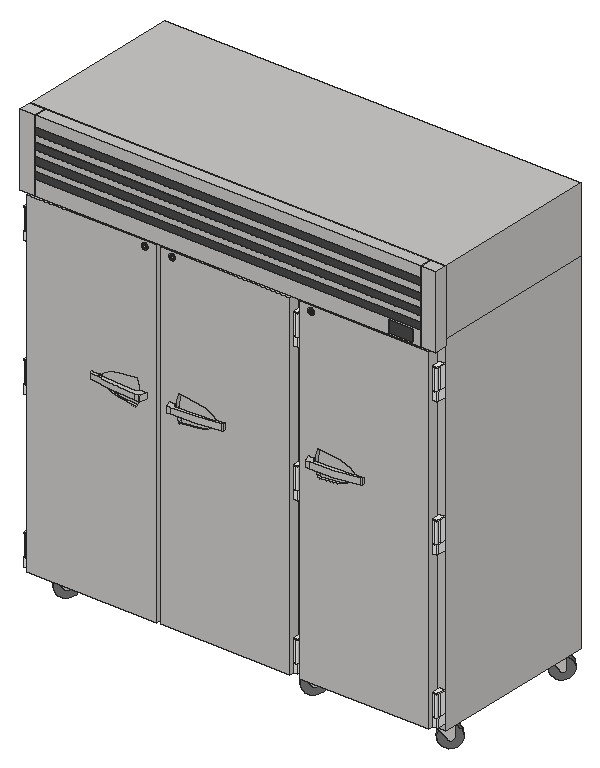
Revit family "QF_Turbo Air_PRO-77R", category Specialty Equipment, Revit 2014
Parameters
  Width = 6' - 5 3/4"  # constant formula
  Weight in Pounds = 697
  Watermarked By = ""
  Volts = 115 V
  URL Cutsheet = ""
  URL = "www.turboairinc.com"
  Status [instance] = ""
  Specification by User [instance] = ""
  Specification by Manufacturer [instance] = ""
  Serial Number [instance] = ""
  Revision Code [instance] = ""
  Phase = 1
  Overall Height [instance] = Box Height + CasterLeg Height  # 6' - 11"
  Number of Poles [instance] = 1
  NAFEM Spec ID Number [instance] = ""
  Model = "PRO-77R"
  Masterspec [instance] = ""
  Manufacturer = "Turbo Air"  # constant formula
  Door Height = 5' - 3 1/4"  # constant formula
  Description = "Refrigerator, Reach In"
  Assembly Code = "E1090320"
  6 inch Legs [instance] = no
  Item Number [instance] = "-"
  Installed By [instance] = ""
  HP = "1"
  Furnished By [instance] = ""
  Foodservice Equipment Identifier = yes
  FL Amps = 11.3 A
  Electrical Remarks [instance] = ""
  Electric Connection Type = ""
  Elec Conn RI Height [instance] = 0' - 0"
  Elec Conn Connection Height = 6' - 4 7/8"
  Cycle = 60 Hz
  Conn Plug = "NEMA 5-15P"
  Casters [instance] = not([6 inch Legs])  # yes
  CasterLeg Height [instance] = if(or([5 inch Casters], [6 inch Legs]), 0' 6", 0' 5")  # 0' - 5"
  CSI MasterFormat = "11 41 13"
  Box Height = 6' - 6"  # constant formula
  Apparent Power = if(Phase = 3, Volts * FL Amps * 1.73, Volts * FL Amps)  # 1299.5 VA
  5 inch Casters [instance] = no
Reference planes (in)
  plane 1 "BACK": y = 0
  plane 2: z = 0
  plane 3 "LEFT": x = -16.56573
  plane 4 "RIGHT": x = 61.18427
  plane 5 "FRONT": y = -33.875
  plane 6 "Box Front": y = -31.5
  plane 7 "Door Clearance": y = -57.75
  plane 8 "TOP": z = 83
  plane 9 "Box Bottom": z = 5
  plane 10 "Door Bottom": z = 5.875
  plane 11 "Door Top": z = 69.125
  plane 12 "Inside Left": x = -14.56573
  plane 13 "Inside Right": x = 59.18427
  plane 14 "Inside Back": y = -2
  plane 15 "Inside Front": y = -29.5
  plane 16 "Inside Top": z = 70.75
  plane 17 "Center LR": x = 22.30927
  plane 18 "Cowl Bottom": z = 69.5
  plane 19 "Left Door Left": x = -15.31573
  plane 20 "Left Door Right": x = 8.93427
  plane 21 "Right Door Left": x = 35.68427
  plane 22 "Right Door Right": x = 59.93427
  plane 23 "Center Left": x = 9.30927
  plane 24 "Middle Door Left": x = 9.68427
  plane 25 "Middle Door Right": x = 33.93427
  plane 26 "Center Right": x = 35.30927
Forms (in)
  Extrusion 1, solid, material "QF_Stainless-Polished"
    sketch origin (0, 0, 5) x (0, 1, 0) y (-1, 0, 0)
      loop
        line (-31.5, 16.56573) -> (-31.5, 13.81573) -> (-29.5, 13.81573) -> (-29.5, 14.56573) -> (-2, 14.56573) -> (-2, -59.18427) -> (-29.5, -59.18427) -> (-29.5, -58.43427) -> (-31.5, -58.43427) -> (-31.5, -61.18427) -> (0, -61.18427) -> (0, 16.56573) -> (-31.5, 16.56573)
    from 0 to 65.75
  Extrusion 2, solid, material "QF_Stainless-Polished"
    sketch origin (-14.56573, 0, 0) x (0, 1, 0) y (0, 0, 1)
      loop
        line (-29.5, 7.75) -> (-29.5, 5) -> (-2, 5) -> (-2, 7.75) -> (-29.5, 7.75)
      loop
        line (-29.5, 70.75) -> (-29.5, 69.375) -> (-2, 69.375) -> (-2, 70.75) -> (-29.5, 70.75)
    from 0 to 73.75
  Extrusion 3, solid, material "QF_Stainless-Polished"
    sketch origin (-14.56573, 0, 0) x (0, 1, 0) y (0, 0, 1)
      loop
        line (-29.5, 5) -> (-29.5, 8.25) -> (-31.5, 8.25) -> (-31.5, 5) -> (-29.5, 5)
      loop
        line (-31.5, 70.75) -> (-31.5, 67) -> (-29.5, 67) -> (-29.5, 70.75) -> (-31.5, 70.75)
    from 0.75 to 73
  Extrusion 4, solid, material "QF_Stainless-Polished"
    sketch origin (0, 0, 83) x (0, 1, 0) y (-1, 0, 0)
      loop
        line (0, 16.56573) -> (-31.5, 16.56573) -> (-31.5, -61.18427) -> (0, -61.18427) -> (0, 16.56573)
    from 0 to -12.25
  Extrusion 5, solid, material "QF_Stainless-Polished"
    sketch origin (-14.56573, 0, 0) x (0, 1, 0) y (0, 0, 1)
      loop
        line (-2, 69.375) -> (-27.25, 69.375) -> (-25, 68.125) -> (-13.25, 68.125) -> (-3.25, 65.625) -> (-2, 65.625) -> (-2, 69.375)
    from 0 to 73.75
  Extrusion 6, solid, material "QF_Stainless-Polished"
    sketch origin (22.30927, 0, 0) x (0, 1, 0) y (0, 0, 1)
      loop
        line (-3.25, 65.625) -> (-3.25, 28.875) -> (-2, 28.875) -> (-2, 65.625) -> (-3.25, 65.625)
    from 0.25 to -0.25
  Extrusion 7, solid, material "QF_Plastic-Black-Fine Textured"
    sketch origin (0, -31.5, 0) x (1, 0, 0) y (0, 0, 1)
      loop
        line (-14.31573, 67.75) -> (-14.31573, 7.25) -> (7.93427, 7.25) -> (7.93427, 67.75) -> (-14.31573, 67.75)
      loop
        line (58.93427, 7.25) -> (58.93427, 67.75) -> (36.68427, 67.75) -> (36.68427, 7.25) -> (58.93427, 7.25)
      loop
        line (-14.56573, 7) -> (8.18427, 7) -> (8.18427, 68) -> (-14.56573, 68) -> (-14.56573, 7)
      loop
        line (59.18427, 68) -> (36.43427, 68) -> (36.43427, 7) -> (59.18427, 7) -> (59.18427, 68)
      loop
        line (10.68427, 67.75) -> (10.68427, 7.25) -> (32.93427, 7.25) -> (32.93427, 67.75) -> (10.68427, 67.75)
      loop
        line (10.43427, 7) -> (33.18427, 7) -> (33.18427, 68) -> (10.43427, 68) -> (10.43427, 7)
    from 0 to 0.625
  Extrusion 8, solid, material "QF_Stainless-Polished"
    sketch origin (0, -31.5, 0) x (1, 0, 0) y (0, 0, 1)
      loop
        line (-16.56573, 83) -> (-16.56573, 69.5) -> (-13.75323, 69.5) -> (-13.75323, 83) -> (-16.56573, 83)
      loop
        line (61.18427, 83) -> (58.37177, 83) -> (58.37177, 69.5) -> (61.18427, 69.5) -> (61.18427, 83)
    from 0 to 2.375
  Extrusion 9, solid, material "QF_Stainless-Polished"
    sketch origin (0, -31.5, 0) x (1, 0, 0) y (0, 0, 1)
      loop
        line (-13.75323, 83) -> (-13.75323, 81) -> (58.37177, 81) -> (58.37177, 83) -> (-13.75323, 83)
      loop
        line (-13.75323, 69.5) -> (58.37177, 69.5) -> (58.37177, 72.25) -> (-13.75323, 72.25) -> (-13.75323, 69.5)
      loop
        arc (56.87177, 71.75) -> (56.81686, 71.88258) -> (56.68427, 71.9375) r 0.1875
        line (56.68427, 71.9375) -> (52.55927, 71.9375)
        arc (52.55927, 71.9375) -> (52.42669, 71.88258) -> (52.37177, 71.75) r 0.1875
        line (52.37177, 71.75) -> (52.37177, 69.9375)
        arc (52.37177, 69.9375) -> (52.42669, 69.80492) -> (52.55927, 69.75) r 0.1875
        line (52.55927, 69.75) -> (56.68427, 69.75)
        arc (56.68427, 69.75) -> (56.81686, 69.80492) -> (56.87177, 69.9375) r 0.1875
        line (56.87177, 69.9375) -> (56.87177, 71.75)
    from 0 to 2.375
  Extrusion 10, solid, material "QF_Stainless-Polished"
    sketch origin (0, -31.5, 0) x (1, 0, 0) y (0, 0, 1)
      loop
        line (-13.75323, 79.6875) -> (-13.75323, 78.5625) -> (58.37177, 78.5625) -> (58.37177, 79.6875) -> (-13.75323, 79.6875)
      loop
        line (58.37177, 77.1875) -> (-13.75323, 77.1875) -> (-13.75323, 76.0625) -> (58.37177, 76.0625) -> (58.37177, 77.1875)
      loop
        line (58.37177, 74.6875) -> (-13.75323, 74.6875) -> (-13.75323, 73.5625) -> (58.37177, 73.5625) -> (58.37177, 74.6875)
    from 0 to 2.375
  Extrusion 11, solid, material "QF_Plastic-Black-Fine Textured"
    sketch origin (0, -31.5, 0) x (1, 0, 0) y (0, 0, 1)
      loop
        line (-13.75323, 81) -> (-13.75323, 79.6875) -> (58.37177, 79.6875) -> (58.37177, 81) -> (-13.75323, 81)
      loop
        line (-13.75323, 78.5625) -> (-13.75323, 77.1875) -> (58.37177, 77.1875) -> (58.37177, 78.5625) -> (-13.75323, 78.5625)
      loop
        line (-13.75323, 76.0625) -> (-13.75323, 74.6875) -> (58.37177, 74.6875) -> (58.37177, 76.0625) -> (-13.75323, 76.0625)
      loop
        line (-13.75323, 73.5625) -> (-13.75323, 72.25) -> (58.37177, 72.25) -> (58.37177, 73.5625) -> (-13.75323, 73.5625)
    from 0 to 2.375
  Extrusion 12, solid, material "QF_Plastic-Black-Fine Textured"
    sketch origin (0, -31.5, 0) x (1, 0, 0) y (0, 0, 1)
      loop
        arc (52.55927, 71.9375) -> (52.42669, 71.88258) -> (52.37177, 71.75) r 0.1875
        line (52.37177, 71.75) -> (52.37177, 69.9375)
        arc (52.37177, 69.9375) -> (52.42669, 69.80492) -> (52.55927, 69.75) r 0.1875
        line (52.55927, 69.75) -> (56.68427, 69.75)
        arc (56.68427, 69.75) -> (56.81686, 69.80492) -> (56.87177, 69.9375) r 0.1875
        line (56.87177, 69.9375) -> (56.87177, 71.75)
        arc (56.87177, 71.75) -> (56.81686, 71.88258) -> (56.68427, 71.9375) r 0.1875
        line (56.68427, 71.9375) -> (52.55927, 71.9375)
    from 0 to 2.375
  Extrusion 13, solid, material "QF_Clearance", detail levels coarse+medium
    sketch origin (0, 0, 5.875) x (0, 1, 0) y (-1, 0, 0)
      loop
        line (-33.875, 16.56573) -> (-57.75, 16.56573)
        arc (-57.75, 16.56573) -> (-51.23446, -1.26072) -> (-33.875, -8.93427) r 24.25
        line (-33.875, -8.93427) -> (-33.875, 16.56573)
    from 0 to 63.25
  Extrusion 14, solid, material "QF_Clearance", detail levels coarse+medium
    sketch origin (26.25, 0, 5.875) x (0, 1, 0) y (-1, 0, 0)
      loop
        arc (-33.875, -9.43427) -> (-51.23446, -17.10783) -> (-57.75, -34.93427) r 24.25
        line (-57.75, -34.93427) -> (-33.875, -34.93427) -> (-33.875, -9.43427)
    from 0 to 63.25
  Extrusion 15, solid, material "QF_Stainless-Polished"
    sketch origin (0, -31.5, 0) x (1, 0, 0) y (0, 0, 1)
      loop
        line (11.24677, 67) -> (7.37177, 67) -> (7.37177, 8.25) -> (11.24677, 8.25) -> (11.24677, 67)
      loop
        line (37.24677, 67) -> (32.74677, 67) -> (32.74677, 8.25) -> (37.24677, 8.25) -> (37.24677, 67)
    from 0 to -2
  Extrusion 16, solid, material "QF_Clearance", detail levels coarse+medium
    sketch origin (0.25, 0, 5.875) x (0, 1, 0) y (-1, 0, 0)
      loop
        arc (-33.875, -9.43427) -> (-51.83307, -17.70642) -> (-57.75, -36.57201) r 24.37499
        line (-57.75, -36.57201) -> (-33.875, -36.57201) -> (-33.875, -9.43427)
    from 0 to 63.25
Lines and regions (in)
  symbolic lines
    curve 1: line (-16.56573, 0, 83) -> (61.18427, 0, 83)
    curve 2: line (-16.56573, -33.875, 83) -> (-16.56573, 0, 83)
    curve 3: line (61.18427, -33.875, 83) -> (-16.56573, -33.875, 83)
    curve 4: line (61.18427, 0, 83) -> (61.18427, -33.875, 83)
  symbolic lines, style "QF_Clearances_Door_Drawer"
    curve 5: line (-16.56573, -33.875, 5.875) -> (-16.56573, -57.75, 5.875)
    curve 6: arc (-16.56573, -57.75, 5.875) -> (1.26072, -51.23446, 5.875) -> (8.93427, -33.875, 5.875) r 24.25
    curve 7: arc (35.68427, -33.875, 5.875) -> (43.35783, -51.23446, 5.875) -> (61.18427, -57.75, 5.875) r 24.25
    curve 8: line (61.18427, -57.75, 5.875) -> (61.18427, -33.875, 5.875)
    curve 9: arc (9.68427, -33.875, 5.875) -> (17.95642, -51.83307, 5.875) -> (36.82201, -57.75, 5.875) r 24.37499
    curve 10: line (36.82201, -57.75, 5.875) -> (36.82201, -33.875, 5.875)
Dimensions and locks (in)
  "Width": plane 4 "RIGHT" to plane 3 "LEFT"
  plane 5 "FRONT" to plane 6 "Box Front" = 0' - 2 3/8"
  locked: plane 7 "Door Clearance" to plane 5 "FRONT" at 23.875
  "CasterLeg Height": plane 9 "Box Bottom" to level
  locked: plane 10 "Door Bottom" to plane 9 "Box Bottom" at 0.875
  "Box Height": plane 8 "TOP" to plane 9 "Box Bottom"
  locked: plane 8 "TOP" to plane 11 "Door Top" at 13.875
  locked: plane 3 "LEFT" to plane 12 "Inside Left" at 2
  locked: plane 13 "Inside Right" to plane 4 "RIGHT" at 2
  locked: plane 14 "Inside Back" to plane 1 "BACK" at 2
  plane 6 "Box Front" to plane 15 "Inside Front" = 0' - 2"
  locked: plane 12 "Inside Left" to Extrusion 1 sketch curve at 0.75
  locked: Extrusion 1 sketch curve to plane 13 "Inside Right" at 0.75
  locked: plane 8 "TOP" to plane 16 "Inside Top" at 12.25
  locked: plane 9 "Box Bottom" to Extrusion 2 sketch curve at 2.75
  locked: Extrusion 3 sketch curve to plane 9 "Box Bottom" at 3.25
  locked: plane 16 "Inside Top" to Extrusion 2 sketch curve at 1.375
  locked: Extrusion 3 sketch curve to plane 16 "Inside Top" at 3.75
  locked: plane 16 "Inside Top" to Extrusion 5 sketch curve at 1.375
  locked: Extrusion 5 sketch curve to Extrusion 5 sketch curve at 1.25
  locked: Extrusion 5 sketch curve to Extrusion 5 sketch curve at 11.75
  locked: Extrusion 5 sketch curve to plane 14 "Inside Back" at 25.25
  locked: Extrusion 5 sketch curve to plane 14 "Inside Back" at 1.25
  locked: Extrusion 5 sketch curve to plane 14 "Inside Back" at 11.25
  locked: Extrusion 5 sketch curve to Extrusion 5 sketch curve at 3.75
  equal spacing: plane 3 "LEFT", plane 17 "Center LR", plane 4 "RIGHT"
  locked: plane 16 "Inside Top" to Extrusion 6 sketch curve at 5.125
  locked: Extrusion 6 sketch curve to Extrusion 6 sketch curve at 36.75
  locked: Extrusion 6 sketch curve to plane 14 "Inside Back" at 1.25
  locked: Extrusion 7 sketch curve to Extrusion 7 sketch curve at 0.25  (x12)
  locked: Extrusion 7 sketch curve to plane 3 "LEFT" at 2
  locked: Extrusion 7 sketch curve to plane 4 "RIGHT" at 2
  locked: plane 11 "Door Top" to Extrusion 7 sketch curve at 1.125  (x3)
  locked: Extrusion 7 sketch curve to plane 10 "Door Bottom" at 1.125  (x3)
  locked: plane 18 "Cowl Bottom" to plane 11 "Door Top" at 0.375
  locked: plane 3 "LEFT" to nested 1 at 3
  locked: nested 1 to plane 1 "BACK" at 2.5
  locked: plane 3 "LEFT" to nested 2 at 3
  locked: plane 6 "Box Front" to nested 2 at 2.8125
  locked: nested 3 to plane 4 "RIGHT" at 3
  locked: nested 3 to plane 1 "BACK" at 2.5
  locked: nested 4 to plane 4 "RIGHT" at 3
  locked: plane 6 "Box Front" to nested 4 at 2.8125
  locked: plane 3 "LEFT" to Extrusion 8 sketch curve at 2.8125
  locked: Extrusion 8 sketch curve to plane 4 "RIGHT" at 2.8125
  locked: Extrusion 9 sketch curve to plane 3 "LEFT" at 2.8125  (x2)
  locked: plane 8 "TOP" to Extrusion 9 sketch curve at 2
  locked: Extrusion 9 sketch curve to plane 4 "RIGHT" at 2.8125  (x2)
  locked: Extrusion 9 sketch curve to plane 18 "Cowl Bottom" at 2.75
  locked: Extrusion 9 sketch curve to Extrusion 9 sketch curve at 4.5
  locked: Extrusion 9 sketch curve to plane 4 "RIGHT" at 4.3125
  locked: Extrusion 9 sketch curve to Extrusion 9 sketch curve at 2.1875
  locked: Extrusion 9 sketch curve to Extrusion 9 sketch curve at 0.3125
  locked: Extrusion 10 sketch curve to plane 3 "LEFT" at 2.8125  (x3)
  locked: Extrusion 10 sketch curve to plane 4 "RIGHT" at 2.8125  (x3)
  locked: plane 8 "TOP" to Extrusion 10 sketch curve at 3.3125
  locked: Extrusion 10 sketch curve to Extrusion 10 sketch curve at 1.125  (x3)
  locked: Extrusion 10 sketch curve to Extrusion 10 sketch curve at 1.375  (x2)
  locked: plane 3 "LEFT" to plane 19 "Left Door Left" at 1.25
  locked: plane 19 "Left Door Left" to plane 20 "Left Door Right" at 24.25
  locked: plane 22 "Right Door Right" to plane 4 "RIGHT" at 1.25
  locked: plane 21 "Right Door Left" to plane 22 "Right Door Right" at 24.25
  locked: plane 16 "Inside Top" to Extrusion 15 sketch curve at 3.75  (x2)
  locked: Extrusion 15 sketch curve to plane 9 "Box Bottom" at 3.25  (x2)
  locked: Extrusion 7 sketch curve to plane 20 "Left Door Right" at 0.75
  locked: Extrusion 7 sketch curve to plane 21 "Right Door Left" at 0.75
  plane 20 "Left Door Right" to plane 23 "Center Left" to plane 24 "Middle Door Left" = 0' - 0 3/8" locked, 0' - 0 3/8" locked
  locked: plane 26 "Center Right" to plane 21 "Right Door Left" at 0.375
  locked: plane 25 "Middle Door Right" to plane 21 "Right Door Left" at 1.75
  locked: Extrusion 7 sketch curve to plane 24 "Middle Door Left" at 0.75
  locked: plane 25 "Middle Door Right" to Extrusion 7 sketch curve at 0.75
  locked: Extrusion 15 sketch curve to plane 23 "Center Left" at 1.9375  (x2)
  locked: Extrusion 15 sketch curve to plane 26 "Center Right" at 1.9375
  locked: Extrusion 15 sketch curve to Extrusion 15 sketch curve at 4.5
  locked: nested 8 to plane 1 "BACK" at 2.5
  locked: nested 8 to plane 21 "Right Door Left" at 3
  locked: nested 9 to plane 21 "Right Door Left" at 3
  locked: plane 6 "Box Front" to nested 9 at 2.8125
  locked: plane 6 "Box Front" to plane 1 "BACK" at 31.5
  aligned and locked: level to plane 2
  aligned and locked: Extrusion 1 sketch curve to plane 3 "LEFT"
  aligned and locked: plane 12 "Inside Left" to Extrusion 1 sketch curve
  aligned and locked: Extrusion 1 sketch curve to plane 13 "Inside Right"
  aligned and locked: plane 4 "RIGHT" to Extrusion 1 sketch curve
  aligned and locked: plane 14 "Inside Back" to Extrusion 1 sketch curve
  aligned and locked: Extrusion 1 sketch curve to plane 1 "BACK"
  aligned and locked: Extrusion 1 sketch curve to plane 15 "Inside Front"  (x2)
  aligned and locked: plane 6 "Box Front" to Extrusion 1 sketch curve  (x2)
  aligned and locked: plane 16 "Inside Top" to Extrusion 1
  aligned and locked: plane 9 "Box Bottom" to Extrusion 2 sketch curve
  aligned and locked: plane 15 "Inside Front" to Extrusion 2 sketch curve
  aligned and locked: plane 14 "Inside Back" to Extrusion 2 sketch curve  (x2)
  aligned and locked: plane 13 "Inside Right" to Extrusion 2
  aligned and locked: plane 6 "Box Front" to Extrusion 3 sketch curve  (x2)
  aligned and locked: Extrusion 3 sketch curve to plane 9 "Box Bottom"
  aligned and locked: Extrusion 3 sketch curve to plane 15 "Inside Front"  (x2)
  aligned and locked: Extrusion 3 to Extrusion 1  (x2)
  aligned and locked: Extrusion 2 sketch curve to plane 16 "Inside Top"
  aligned and locked: Extrusion 2 sketch curve to plane 15 "Inside Front"
  aligned and locked: plane 16 "Inside Top" to Extrusion 3 sketch curve
  aligned and locked: plane 1 "BACK" to Extrusion 4 sketch curve
  aligned and locked: plane 3 "LEFT" to Extrusion 4 sketch curve
  aligned and locked: Extrusion 4 sketch curve to plane 6 "Box Front"
  aligned and locked: Extrusion 4 sketch curve to plane 4 "RIGHT"
  aligned and locked: Extrusion 4 to plane 16 "Inside Top"
  aligned and locked: plane 14 "Inside Back" to Extrusion 5 sketch curve
  aligned and locked: plane 13 "Inside Right" to Extrusion 5
  aligned and locked: Extrusion 6 sketch curve to plane 14 "Inside Back"
  aligned and locked: plane 5 "FRONT" to Extrusion 8
  aligned and locked: plane 3 "LEFT" to curve 2
  aligned and locked: curve 3 to plane 5 "FRONT"
  aligned and locked: curve 4 to plane 4 "RIGHT"
  aligned and locked: plane 1 "BACK" to curve 1
  aligned and locked: plane 18 "Cowl Bottom" to Extrusion 8 sketch curve
  aligned and locked: plane 3 "LEFT" to Extrusion 8 sketch curve
  aligned and locked: Extrusion 8 sketch curve to plane 8 "TOP"
  aligned and locked: plane 8 "TOP" to Extrusion 8 sketch curve
  aligned and locked: plane 4 "RIGHT" to Extrusion 8 sketch curve
  aligned and locked: Extrusion 8 sketch curve to plane 18 "Cowl Bottom"
  aligned and locked: Extrusion 9 sketch curve to plane 8 "TOP"
  aligned and locked: plane 18 "Cowl Bottom" to Extrusion 9 sketch curve
  aligned and locked: plane 5 "FRONT" to Extrusion 9
  aligned and locked: plane 5 "FRONT" to Extrusion 10
  aligned and locked: Extrusion 11 sketch curve to Extrusion 9  (x4)
  aligned and locked: Extrusion 11 sketch curve to Extrusion 10  (x12)
  aligned and locked: plane 5 "FRONT" to Extrusion 11
  aligned and locked: Extrusion 12 sketch curve to Extrusion 9  (x4)
  aligned and locked: plane 5 "FRONT" to Extrusion 12
  aligned and locked: plane 10 "Door Bottom" to nested 5
  aligned and locked: nested 5 to plane 11 "Door Top"
  aligned and locked: plane 3 "LEFT" to nested 5
  aligned and locked: plane 20 "Left Door Right" to nested 5
  aligned and locked: plane 11 "Door Top" to Extrusion 13
  aligned and locked: nested 6 to plane 10 "Door Bottom"
  aligned and locked: plane 4 "RIGHT" to nested 6
  aligned and locked: plane 11 "Door Top" to Extrusion 14
  aligned and locked: nested 7 to plane 10 "Door Bottom"
  aligned and locked: plane 25 "Middle Door Right" to nested 7
  aligned and locked: plane 11 "Door Top" to Extrusion 16
Automatic sketch dimensions
  Extrusion 9 sketch curve to Extrusion 9 sketch curve = 0' - 0 3/16"  (x4)
  curve 7 to plane 4 "RIGHT" = 0' - 0"
  plane 7 "Door Clearance" to curve 7 = 0' - 0"
  curve 5 to plane 3 "LEFT" = 0' - 0"
  plane 7 "Door Clearance" to curve 5 = 0' - 0"
  plane 7 "Door Clearance" to curve 10 = 0' - 0"
  plane 5 "FRONT" to curve 5 = 0' - 0"
  plane 5 "FRONT" to curve 6 = 0' - 0"
  plane 5 "FRONT" to curve 7 = 0' - 0"
  plane 5 "FRONT" to curve 8 = 0' - 0"
  plane 5 "FRONT" to curve 9 = 0' - 0"
  plane 5 "FRONT" to curve 10 = 0' - 0"
  curve 7 to plane 21 "Right Door Left" = 0' - 0"
  curve 9 to plane 24 "Middle Door Left" = 0' - 0"
  curve 6 to plane 20 "Left Door Right" = 0' - 0"
  plane 19 "Left Door Left" to curve 6 = 0' - 0.00242"
  curve 7 to plane 22 "Right Door Right" = 0' - 0.00242"
  plane 25 "Middle Door Right" to curve 9 = 0' - 0.12258"
  curve 10 to curve 9 = 0' - 0.34264"
  Extrusion 13 sketch curve to plane 3 "LEFT" = 0' - 0"
  plane 7 "Door Clearance" to Extrusion 13 sketch curve = 0' - 0"
  plane 5 "FRONT" to Extrusion 13 sketch curve = 0' - 0"
  Extrusion 13 sketch curve to plane 20 "Left Door Right" = 0' - 0"
  plane 19 "Left Door Left" to Extrusion 13 sketch curve = 0' - 0.00242"
  Extrusion 14 sketch curve to plane 4 "RIGHT" = 0' - 0"
  plane 7 "Door Clearance" to Extrusion 14 sketch curve = 0' - 0"
  plane 5 "FRONT" to Extrusion 14 sketch curve = 0' - 0"
  Extrusion 14 sketch curve to plane 21 "Right Door Left" = 0' - 0"
  Extrusion 14 sketch curve to plane 22 "Right Door Right" = 0' - 0.00242"
  plane 7 "Door Clearance" to Extrusion 16 sketch curve = 0' - 0"
  plane 5 "FRONT" to Extrusion 16 sketch curve = 0' - 0"
  Extrusion 16 sketch curve to plane 24 "Middle Door Left" = 0' - 0"
  plane 25 "Middle Door Right" to Extrusion 16 sketch curve = 0' - 0.12258"
  Extrusion 16 sketch curve to Extrusion 16 sketch curve = 0' - 0.34264"
Nested families (in)
  nested 1: "FESCasterLeg" at (-13.56573, -2.5, 0), Casters <- "Casters", Legs <- "6 inch Legs", Height <- "CasterLeg Height", type "FESCasterLeg"
    with Legs no, Height 0' - 5", Casters yes, Caster Radius 0' - 2"
  nested 2: "FESCasterLeg" at (-13.56573, -28.6875, 0), Casters <- "Casters", Legs <- "6 inch Legs", Height <- "CasterLeg Height", type "FESCasterLeg"
    with Legs no, Height 0' - 5", Casters yes, Caster Radius 0' - 2"
  nested 3: "FESCasterLeg" at (58.18427, -2.5, 0), Casters <- "Casters", Legs <- "6 inch Legs", Height <- "CasterLeg Height", type "FESCasterLeg"
    with Legs no, Height 0' - 5", Casters yes, Caster Radius 0' - 2"
  nested 4: "FESCasterLeg" at (58.18427, -28.6875, 0), Casters <- "Casters", Legs <- "6 inch Legs", Height <- "CasterLeg Height", type "FESCasterLeg"
    with Legs no, Height 0' - 5", Casters yes, Caster Radius 0' - 2"
  nested 5: "QF_Turbo Air_RI-Solid Door" at (-7.63145, -32.125, 5.875) x (-1, 0, 0) z (0, 0, 1), Height <- "Door Height", type "QF_Turbo Air_RI-Solid Door"
    with Width 2' - 0 1/4", Symbolic Lines Handle yes, Symbolic Lines no, Height 5' - 3 1/4", Handle From Top 2' - 1 7/8", Center Hinge yes
  nested 6: "QF_Turbo Air_RI-Solid Door" at (52.25, -32.125, 5.875), Height <- "Door Height", type "QF_Turbo Air_RI-Solid Door"
    with Width 2' - 0 1/4", Symbolic Lines Handle yes, Symbolic Lines no, Height 5' - 3 1/4", Handle From Top 2' - 1 7/8", Center Hinge yes
  nested 7: "QF_Turbo Air_RI-Solid Door" at (26.25, -32.125, 5.875), Height <- "Door Height", type "QF_Turbo Air_RI-Solid Door"
    with Width 2' - 0 1/4", Symbolic Lines Handle yes, Symbolic Lines no, Height 5' - 3 1/4", Handle From Top 2' - 1 7/8", Center Hinge yes
  nested 8: "FESCasterLeg" at (32.68427, -2.5, 0), Casters <- "Casters", Legs <- "6 inch Legs", Height <- "CasterLeg Height", type "FESCasterLeg"
    with Legs no, Height 0' - 5", Casters yes, Caster Radius 0' - 2"
  nested 9: "FESCasterLeg" at (32.68427, -28.6875, 0), Casters <- "Casters", Legs <- "6 inch Legs", Height <- "CasterLeg Height", type "FESCasterLeg"
    with Legs no, Height 0' - 5", Casters yes, Caster Radius 0' - 2"
Connectors (in)
  electrical at (22.30927, 0, 76.875)
    settings: on Extrusion 4, index 1, voltage 0 V, apparent load 0 VA, apparent load phase1 0 VA, apparent load phase2 0 VA, apparent load phase3 0 VA, power factor 1, load classification "Other", number of poles 1, system type 31, power factor state 1, is connector primary yes, connector utility no, sub classification motor no, connector description ""
Definition of nested family "FESCasterLeg"
  Parameters
    Watermarked By = "http://revitwatermark.com"
    Type Comments = ""
    Legs [instance] = yes
    Height [instance] = 0' - 6"
    Caster Radius [instance] = if(Height < 0' 3", 0' 1", (Height / 2) - 0' 0 1/2")  # 0' - 2 1/2"
    Casters [instance] = yes
    Assembly Code = ""
  Reference planes (in)
    plane 1 "Center (Front/Back)": y = 0
    plane 2: z = 0
    plane 3 "Center (Left/Right)": x = 0
    plane 4: z = 6
    plane 5: z = 5.5
  Forms (in)
    Extrusion 1, solid, material "QF_Stainless-Polished", visible <- "Casters"
      sketch origin (-24.12131, -22.88887, 10.18833) x (0.707107, 0.707107, 0) y (0, 0, 1)
        loop
          line (34.98772, -7.68833) -> (34.98772, -4.93833) -> (34.48772, -4.93833) -> (34.39402, -4.68833) -> (32.39402, -4.68833) -> (32.39402, -5.43833) -> (33.98772, -7.34206) -> (33.98772, -7.68833)
          arc (33.98772, -7.68833) -> (34.48772, -8.18833) -> (34.98772, -7.68833) r 0.5
      from 0 to 1.75
    Extrusion 2, solid, material "QF_Rubber-Black", visible <- "Casters"
      sketch origin (-24.32327, -23.09083, 13.31461) x (0.707107, 0.707107, 0) y (0, 0, 1)
        loop
          circle (34.77334, -10.81461) r 2.5
      from 0.375 to 1.375
    Extrusion 3, solid, material "QF_Stainless-Polished", visible <- "Casters"
      sketch origin (-7.24148, -8.48391, 0) x (0.707107, 0.707107, 0) y (0, 0, 1)
        loop
          line (10.61603, 5.5) -> (11.61603, 5.5) -> (11.61603, 6) -> (10.61603, 6) -> (10.61603, 5.5)
      from 0 to -1.75
    Blend 4, solid, material "QF_Stainless-Polished", visible <- "Legs"
      base sketch origin (0, 0, 0) x (1, 0, 0) y (0, 1, 0)
        loop
          circle (0, 0) r 0.5
      top sketch origin (0, 0, 0) x (1, 0, 0) y (0, 1, 0)
        loop
          circle (0, 0) r 1
      from 0 to 6 <- "Height"
  Lines and regions (in)
    symbolic lines, style "QF_Details_Undercounter", visible <- "Casters", built-in parameter 1006206 <- "Casters"
      curve 1: line (-1.26158, -0.51911, 0) -> (1.39007, 2.13254, 0)
      curve 2: line (-0.53429, -1.24639, 0) -> (2.11736, 1.40526, 0)
    symbolic lines, style "QF_Details_Undercounter", built-in parameter 1006206 <- "Casters", visible <- "Casters"
      curve 3: line (-1.26158, -0.51911, 0) -> (1.39007, 2.13254, 0)
      curve 4: line (-0.53429, -1.24639, 0) -> (2.11736, 1.40526, 0)
  Dimensions and locks (in)
    locked: plane 4 to plane 5 at 0.5
    "Height": plane 4 to level
    "Caster Radius": Extrusion 2 sketch curve to level
    "Caster Radius": Extrusion 1 sketch curve to level
    "Caster Radius": radius of Extrusion 2 sketch curve
    aligned and locked: plane 2 to level
    aligned: Blend 4 to Extrusion 3
    aligned and locked: plane 4 to Blend 4
    aligned and locked: Extrusion 3 to plane 5
    aligned and locked: plane 4 to Extrusion 3
    aligned and locked: plane 5 to Extrusion 1
  Automatic sketch dimensions
    plane 1 "Center (Front/Back)" to curve 3 = 0' - 0.51911"
    curve 3 to plane 3 "Center (Left/Right)" = 0' - 1.26158"
    plane 1 "Center (Front/Back)" to curve 1 = 0' - 0.51911"
    curve 1 to curve 3 = 0' - 0"  (x3)
    curve 4 to plane 3 "Center (Left/Right)" = 0' - 0.53429"
    curve 2 to curve 4 = 0' - 0"  (x2)
    plane 3 "Center (Left/Right)" to curve 3 = 0' - 1.39007"
    curve 1 to curve 4 = 0' - 0.72729"
    curve 2 to curve 1 = 0' - 0.72729"
    curve 4 to curve 2 = 0' - 0"  (x2)
    curve 2 to plane 1 "Center (Front/Back)" = 0' - 1.40526"
    curve 2 to curve 3 = 0' - 0.72729"
    Extrusion 3 sketch curve to plane 5 = 0' - 0"
    plane 4 to Extrusion 3 sketch curve = 0' - 0"
    Extrusion 3 sketch curve to Extrusion 3 sketch curve = 0' - 1"
    plane 1 "Center (Front/Back)" to Blend 4 sketch curve = 0' - 0"  (x2)
    Blend 4 sketch curve to plane 3 "Center (Left/Right)" = 0' - 0"  (x2)
    Extrusion 1 sketch curve to plane 5 = 0' - 0"
    Extrusion 1 sketch curve to plane 5 = 0' - 2.65373"
    Extrusion 1 sketch curve to Extrusion 1 sketch curve = 0' - 1.5937"
    Extrusion 1 sketch curve to Extrusion 1 sketch curve = 0' - 2"
    Extrusion 1 sketch curve to Extrusion 1 sketch curve = 0' - 0.0937"
    Extrusion 1 sketch curve to Extrusion 1 sketch curve = 0' - 0 1/2"
    Extrusion 1 sketch curve to plane 5 = 0' - 0 3/4"
    Extrusion 1 sketch curve to plane 5 = 0' - 0 1/4"
    radius of Blend 4 sketch curve = 0' - 0 1/2"
    radius of Blend 4 sketch curve = 0' - 1"
Definition of nested family "QF_Turbo Air_RI-Solid Door"
  Parameters (values of type "QF_Turbo Air_RI-Solid Door")
    Width [instance] = 2' - 2 1/4"
    Watermarked By = ""
    Symbolic Lines Handle [instance] = yes
    Symbolic Lines [instance] = yes
    Height [instance] = 5' - 3 1/4"
    Handle From Top [instance] = 2' - 1 7/8"
    Center Hinge [instance] = yes
  Reference planes (in)
    plane 1 "Door Back": y = 0
    plane 2: z = 0
    plane 3 "LEFT": x = -16.56573
    plane 4 "Door Front": y = -1.75
    plane 5 "Handle Front": y = -3.0625
    plane 6 "Door Right": x = 9.68427
    plane 7 "TOP": z = 63.25
    plane 8 "Handle Elevation": z = 37.375
    plane 9 "Hinge Right": x = 10.93427
    plane 10 "Top Hinge Top": z = 60.75
    plane 11 "Top Hinge Bottom": z = 55
    plane 12: z = 56.625
    plane 13 "Center TB": z = 31.625
    plane 14 "Center Hinge Top": z = 35.0625
    plane 15 "Center Hinge Bottom": z = 29.3125
    plane 16: z = 30.9375
    plane 17 "Bottom Hinge Top": z = 6
    plane 18 "Bottom Hinge Bottom": z = 0.25
    plane 19: z = 1.875
    plane 20 "Hinges Front": y = -1.1875
    plane 21 "Hinges Back": y = 0.625
  Forms (in)
    Extrusion 1, solid, material "QF_Stainless-Polished"
      sketch origin (0, 0, 0) x (1, 0, 0) y (0, 0, 1)
        loop
          line (-16.56573, 63.25) -> (-16.56573, 0) -> (9.68427, 0) -> (9.68427, 63.25) -> (-16.56573, 63.25)
        loop
          arc (-13.15519, 39.61272) -> (-13.41636, 38.50742) -> (-13.50323, 37.375) r 7.3125
          arc (-13.50323, 37.375) -> (-13.41636, 36.24258) -> (-13.15519, 35.13728) r 7.3125
          arc (-13.15519, 35.13728) -> (-13.01711, 34.94724) -> (-12.79306, 34.87662) r 0.375
          arc (-12.79306, 34.87662) -> (-11.04564, 34.98179) -> (-9.31573, 35.25) r 18.6875
          arc (-9.31573, 35.25) -> (-7.55515, 35.84984) -> (-6.00323, 36.875) r 7.30243
          arc (-6.00323, 36.875) -> (-5.85876, 37.375) -> (-6.00323, 37.875) r 0.9375
          arc (-6.00323, 37.875) -> (-7.55515, 38.90016) -> (-9.31573, 39.5) r 7.30243
          arc (-9.31573, 39.5) -> (-11.04564, 39.76821) -> (-12.79306, 39.87338) r 18.6875
          arc (-12.79306, 39.87338) -> (-13.01711, 39.80276) -> (-13.15519, 39.61272) r 0.375
      from 0 to 1.75
    Extrusion 2, solid, material "QF_Stainless-Polished"
      sketch origin (0, 0, 0) x (1, 0, 0) y (0, 0, 1)
        loop
          arc (-13.15519, 39.61272) -> (-13.41636, 38.50742) -> (-13.50323, 37.375) r 7.3125
          arc (-13.50323, 37.375) -> (-13.41636, 36.24258) -> (-13.15519, 35.13728) r 7.3125
          arc (-13.15519, 35.13728) -> (-13.01711, 34.94724) -> (-12.79306, 34.87662) r 0.375
          arc (-12.79306, 34.87662) -> (-11.04564, 34.98179) -> (-9.31573, 35.25) r 18.6875
          arc (-9.31573, 35.25) -> (-7.55515, 35.84984) -> (-6.00323, 36.875) r 7.30243
          arc (-6.00323, 36.875) -> (-5.85876, 37.375) -> (-6.00323, 37.875) r 0.9375
          arc (-6.00323, 37.875) -> (-7.55515, 38.90016) -> (-9.31573, 39.5) r 7.30243
          arc (-9.31573, 39.5) -> (-11.04564, 39.76821) -> (-12.79306, 39.87338) r 18.6875
          arc (-12.79306, 39.87338) -> (-13.01711, 39.80276) -> (-13.15519, 39.61272) r 0.375
      from 0 to 1.25
    Extrusion 3, solid, material "QF_Stainless-Polished"
      sketch origin (0, 0, 37.375) x (0, 1, 0) y (-1, 0, 0)
        loop
          line (-1.75, 14.806) -> (-2.93294, 14.42164)
          arc (-2.93294, 14.42164) -> (-3.02669, 14.35352) -> (-3.0625, 14.24331) r 0.1875
          line (-3.0625, 14.24331) -> (-3.0625, 13.62954)
          arc (-3.0625, 13.62954) -> (-2.88483, 9.14446) -> (-2.21868, 4.70557) r 41.0625
          arc (-2.21868, 4.70557) -> (-2.15347, 4.59812) -> (-2.03505, 4.55599) r 0.1875
          line (-2.03505, 4.55599) -> (-1.75, 4.55599) -> (-1.75, 5.93099) -> (-1.83987, 5.93099)
          arc (-1.83987, 5.93099) -> (-1.96178, 5.97604) -> (-2.02512, 6.08952) r 0.1875
          arc (-2.02512, 6.08952) -> (-2.42253, 9.66014) -> (-2.50243, 13.25191) r 40.5625
          arc (-2.50243, 13.25191) -> (-2.47714, 13.3419) -> (-2.41155, 13.4085) r 0.1875
          line (-2.41155, 13.4085) -> (-1.75, 13.806) -> (-1.75, 14.806)
      from -0.5625 to 0.5625
    Extrusion 4, solid, material "QF_Steel-Chrome Plated"
      sketch origin (0, 0, 0.25) x (0, 1, 0) y (-1, 0, 0)
        loop
          line (0.625, -10.81225) -> (0.625, -9.7438) -> (-0.75, -9.80927) -> (-1.1875, -9.9342) -> (-1.1875, -10.62185) -> (-0.75, -10.74677) -> (0.625, -10.81225)
      from 0 to 1.625
    Extrusion 5, solid, material "QF_Steel-Chrome Plated"
      sketch origin (0, 0, 6) x (0, 1, 0) y (-1, 0, 0)
        loop
          line (-0.5625, -9.68427) -> (-1.1875, -9.68427) -> (-1.1875, -10.27802)
          arc (-1.1875, -10.27802) -> (-0.875, -10.59052) -> (-0.5625, -10.27802) r 0.3125
          line (-0.5625, -10.27802) -> (-0.5625, -9.68427)
      from -0.125 to -4.125
    Extrusion 6, solid, material "QF_Steel-Chrome Plated"
      sketch origin (0, 0, 6) x (0, 1, 0) y (-1, 0, 0)
        loop
          line (0.625, -9.7438) -> (-0.25, -9.78547) -> (-0.25, -10.77058) -> (0.625, -10.81225) -> (0.625, -9.7438)
      from -0.125 to -4.125
    Extrusion 7, solid, material "QF_Steel-Chrome Plated"
      sketch origin (0, 0, 6) x (0, 1, 0) y (-1, 0, 0)
        loop
          line (0.625, -10.81225) -> (0.625, -9.7438) -> (-0.75, -9.80927) -> (-1.1875, -9.9342) -> (-1.1875, -10.62185) -> (-0.75, -10.74677) -> (0.625, -10.81225)
      from 0 to -0.125
    Extrusion 8, solid, material "QF_Steel-Chrome Plated", visible <- "Center Hinge"
      sketch origin (0, 0, 29.3125) x (0, 1, 0) y (-1, 0, 0)
        loop
          line (0.625, -10.81225) -> (0.625, -9.7438) -> (-0.75, -9.80927) -> (-1.1875, -9.9342) -> (-1.1875, -10.62185) -> (-0.75, -10.74677) -> (0.625, -10.81225)
      from 0 to 1.625
    Extrusion 9, solid, material "QF_Steel-Chrome Plated", visible <- "Center Hinge"
      sketch origin (0, 0, 35.0625) x (0, 1, 0) y (-1, 0, 0)
        loop
          line (-0.5625, -9.68427) -> (-1.1875, -9.68427) -> (-1.1875, -10.27802)
          arc (-1.1875, -10.27802) -> (-0.875, -10.59052) -> (-0.5625, -10.27802) r 0.3125
          line (-0.5625, -10.27802) -> (-0.5625, -9.68427)
      from -0.125 to -4.125
    Extrusion 10, solid, material "QF_Steel-Chrome Plated", visible <- "Center Hinge"
      sketch origin (0, 0, 35.0625) x (0, 1, 0) y (-1, 0, 0)
        loop
          line (0.625, -9.7438) -> (-0.25, -9.78547) -> (-0.25, -10.77058) -> (0.625, -10.81225) -> (0.625, -9.7438)
      from -0.125 to -4.125
    Extrusion 11, solid, material "QF_Steel-Chrome Plated", visible <- "Center Hinge"
      sketch origin (0, 0, 35.0625) x (0, 1, 0) y (-1, 0, 0)
        loop
          line (0.625, -10.81225) -> (0.625, -9.7438) -> (-0.75, -9.80927) -> (-1.1875, -9.9342) -> (-1.1875, -10.62185) -> (-0.75, -10.74677) -> (0.625, -10.81225)
      from 0 to -0.125
    Extrusion 12, solid, material "QF_Steel-Chrome Plated"
      sketch origin (0, 0, 55) x (0, 1, 0) y (-1, 0, 0)
        loop
          line (0.625, -10.81225) -> (0.625, -9.7438) -> (-0.75, -9.80927) -> (-1.1875, -9.9342) -> (-1.1875, -10.62185) -> (-0.75, -10.74677) -> (0.625, -10.81225)
      from 0 to 1.625
    Extrusion 13, solid, material "QF_Steel-Chrome Plated"
      sketch origin (0, 0, 60.75) x (0, 1, 0) y (-1, 0, 0)
        loop
          line (-0.5625, -9.68427) -> (-1.1875, -9.68427) -> (-1.1875, -10.27802)
          arc (-1.1875, -10.27802) -> (-0.875, -10.59052) -> (-0.5625, -10.27802) r 0.3125
          line (-0.5625, -10.27802) -> (-0.5625, -9.68427)
      from -0.125 to -4.125
    Extrusion 14, solid, material "QF_Steel-Chrome Plated"
      sketch origin (0, 0, 60.75) x (0, 1, 0) y (-1, 0, 0)
        loop
          line (0.625, -9.7438) -> (-0.25, -9.78547) -> (-0.25, -10.77058) -> (0.625, -10.81225) -> (0.625, -9.7438)
      from -0.125 to -4.125
    Extrusion 15, solid, material "QF_Steel-Chrome Plated"
      sketch origin (0, 0, 60.75) x (0, 1, 0) y (-1, 0, 0)
        loop
          line (0.625, -10.81225) -> (0.625, -9.7438) -> (-0.75, -9.80927) -> (-1.1875, -9.9342) -> (-1.1875, -10.62185) -> (-0.75, -10.74677) -> (0.625, -10.81225)
      from 0 to -0.125
    Extrusion 16, void
      sketch origin (0, 0, 0) x (1, 0, 0) y (0, 0, 1)
        loop
          circle (-14.37823, 62.3125) r 0.5625
        loop
          circle (-14.37823, 62.3125) r 0.3125
      from 0 to 1.75
    Extrusion 17, solid, material "QF_Plastic-Black-Fine Textured"
      sketch origin (0, 0, 0) x (1, 0, 0) y (0, 0, 1)
        loop
          circle (-14.37823, 62.3125) r 0.5625
        loop
          circle (-14.37823, 62.3125) r 0.3125
      from 0 to 1.75
  Cuts and joins
    Extrusion 16 cuts Extrusion 1
  Lines and regions (in)
    symbolic lines, visible <- "Symbolic Lines"
      curve 1: line (-16.56573, 0, 6) -> (9.68427, 0, 6)
      curve 2: line (-16.56573, -1.75, 6) -> (-16.56573, 0, 6)
      curve 3: line (9.68427, -1.75, 6) -> (-16.56573, -1.75, 6)
      curve 4: line (9.68427, 0, 6) -> (9.68427, -1.75, 6)
      curve 5: line (10.81225, 0.625, 6) -> (9.7438, 0.625, 6)
      curve 6: line (10.74677, -0.75, 6) -> (10.81225, 0.625, 6)
      curve 7: line (10.62185, -1.1875, 6) -> (10.74677, -0.75, 6)
      curve 8: line (9.9342, -1.1875, 6) -> (10.62185, -1.1875, 6)
      curve 9: line (9.80927, -0.75, 6) -> (9.9342, -1.1875, 6)
      curve 10: line (9.7438, 0.625, 6) -> (9.80927, -0.75, 6)
    symbolic lines, visible <- "Symbolic Lines Handle"
      curve 11: line (-14.806, -1.75, 6) -> (-14.42164, -2.93294, 6)
      curve 12: arc (-14.42164, -2.93294, 6) -> (-14.35352, -3.02669, 6) -> (-14.24331, -3.0625, 6) r 0.1875
      curve 13: line (-14.24331, -3.0625, 6) -> (-13.62954, -3.0625, 6)
      curve 14: line (-4.55599, -2.03505, 6) -> (-4.55599, -1.75, 6)
      curve 15: arc (-4.70557, -2.21868, 6) -> (-4.59812, -2.15347, 6) -> (-4.55599, -2.03505, 6) r 0.1875
      curve 16: arc (-13.62954, -3.0625, 6) -> (-9.14446, -2.88483, 6) -> (-4.70557, -2.21868, 6) r 41.0625
      curve 17: line (-13.4085, -2.41155, 6) -> (-13.806, -1.75, 6)
      curve 18: arc (-13.25191, -2.50243, 6) -> (-13.3419, -2.47714, 6) -> (-13.4085, -2.41155, 6) r 0.1875
      curve 19: arc (-6.08952, -2.02512, 6) -> (-9.66014, -2.42253, 6) -> (-13.25191, -2.50243, 6) r 40.5625
      curve 20: arc (-5.93099, -1.83987, 6) -> (-5.97604, -1.96178, 6) -> (-6.08952, -2.02512, 6) r 0.1875
      curve 21: line (-5.93099, -1.75, 6) -> (-5.93099, -1.83987, 6)
  Dimensions and locks (in)
    locked: plane 5 "Handle Front" to plane 4 "Door Front" at 1.3125
    "Width": plane 6 "Door Right" to plane 3 "LEFT"
    "Height": plane 7 "TOP" to plane 2
    "Handle From Top": plane 7 "TOP" to plane 8 "Handle Elevation"
    locked: plane 6 "Door Right" to plane 9 "Hinge Right" at 1.25
    locked: plane 7 "TOP" to plane 10 "Top Hinge Top" at 2.5
    locked: plane 10 "Top Hinge Top" to plane 11 "Top Hinge Bottom" at 5.75
    locked: plane 12 to plane 11 "Top Hinge Bottom" at 1.625
    equal spacing: plane 7 "TOP", plane 13 "Center TB", level
    locked: plane 14 "Center Hinge Top" to plane 15 "Center Hinge Bottom" at 5.75
    locked: plane 16 to plane 15 "Center Hinge Bottom" at 1.625
    locked: plane 14 "Center Hinge Top" to plane 13 "Center TB" at 3.4375
    locked: plane 17 "Bottom Hinge Top" to plane 18 "Bottom Hinge Bottom" at 5.75
    locked: plane 19 to plane 18 "Bottom Hinge Bottom" at 1.625
    locked: plane 17 "Bottom Hinge Top" to level at 6
    locked: Extrusion 1 sketch curve to plane 8 "Handle Elevation" at 2.12341
    locked: plane 8 "Handle Elevation" to Extrusion 1 sketch curve at 2.12341
    locked: Extrusion 1 sketch curve to plane 8 "Handle Elevation" at 16.18748
    locked: plane 8 "Handle Elevation" to Extrusion 1 sketch curve at 16.18748
    locked: plane 8 "Handle Elevation" to Extrusion 1 sketch curve at 5.03089
    locked: Extrusion 1 sketch curve to plane 8 "Handle Elevation" at 5.03089
    locked: Extrusion 1 sketch curve to plane 8 "Handle Elevation" at 0
    locked: Extrusion 1 sketch curve to plane 8 "Handle Elevation" at 0.00859
    locked: plane 8 "Handle Elevation" to Extrusion 1 sketch curve at 0.00859
    locked: Extrusion 4 sketch curve to Extrusion 4 sketch curve at 1.06845
    locked: Extrusion 4 sketch curve to plane 9 "Hinge Right" at 0.12202
    locked: Extrusion 4 sketch curve to Extrusion 4 sketch curve at 0.9375
    locked: Extrusion 4 sketch curve to plane 9 "Hinge Right" at 0.1875
    locked: Extrusion 4 sketch curve to Extrusion 4 sketch curve at 0.68764
    locked: Extrusion 4 sketch curve to plane 9 "Hinge Right" at 0.31243
    locked: plane 20 "Hinges Front" to Extrusion 5 sketch curve at 0.625
    locked: plane 6 "Door Right" to Extrusion 5 sketch curve at 0.59375
    locked: Extrusion 6 sketch curve to Extrusion 6 sketch curve at 1.06845
    locked: Extrusion 6 sketch curve to plane 9 "Hinge Right" at 0.12202
    locked: Extrusion 6 sketch curve to Extrusion 6 sketch curve at 0.98512
    locked: Extrusion 6 sketch curve to plane 9 "Hinge Right" at 0.16369
    locked: Extrusion 7 sketch curve to Extrusion 7 sketch curve at 1.06845
    locked: Extrusion 7 sketch curve to Extrusion 7 sketch curve at 0.9375
    locked: Extrusion 7 sketch curve to Extrusion 7 sketch curve at 0.68764
    locked: Extrusion 7 sketch curve to plane 9 "Hinge Right" at 0.12202
    locked: Extrusion 7 sketch curve to plane 9 "Hinge Right" at 0.1875
    locked: Extrusion 7 sketch curve to plane 9 "Hinge Right" at 0.31243
    locked: Extrusion 8 sketch curve to Extrusion 8 sketch curve at 1.06845
    locked: Extrusion 8 sketch curve to Extrusion 8 sketch curve at 0.9375
    locked: Extrusion 8 sketch curve to Extrusion 8 sketch curve at 0.68764
    locked: Extrusion 10 sketch curve to Extrusion 10 sketch curve at 1.06845
    locked: Extrusion 10 sketch curve to Extrusion 10 sketch curve at 0.98512
    locked: Extrusion 11 sketch curve to Extrusion 11 sketch curve at 1.06845
    locked: Extrusion 11 sketch curve to Extrusion 11 sketch curve at 0.9375
    locked: Extrusion 11 sketch curve to Extrusion 11 sketch curve at 0.68764
    locked: Extrusion 12 sketch curve to Extrusion 12 sketch curve at 1.06845
    locked: Extrusion 12 sketch curve to Extrusion 12 sketch curve at 0.9375
    locked: Extrusion 12 sketch curve to Extrusion 12 sketch curve at 0.68764
    locked: Extrusion 14 sketch curve to Extrusion 14 sketch curve at 1.06845
    locked: Extrusion 14 sketch curve to Extrusion 14 sketch curve at 0.98512
    locked: Extrusion 15 sketch curve to Extrusion 15 sketch curve at 1.06845
    locked: Extrusion 15 sketch curve to Extrusion 15 sketch curve at 0.9375
    locked: Extrusion 15 sketch curve to Extrusion 15 sketch curve at 0.68764
    locked: Extrusion 8 sketch curve to plane 9 "Hinge Right" at 0.12202
    locked: Extrusion 8 sketch curve to plane 9 "Hinge Right" at 0.1875
    locked: Extrusion 8 sketch curve to plane 9 "Hinge Right" at 0.31243
    locked: Extrusion 10 sketch curve to plane 9 "Hinge Right" at 0.12202
    locked: Extrusion 10 sketch curve to plane 9 "Hinge Right" at 0.16369
    locked: Extrusion 11 sketch curve to plane 9 "Hinge Right" at 0.12202
    locked: Extrusion 11 sketch curve to plane 9 "Hinge Right" at 0.1875
    locked: Extrusion 11 sketch curve to plane 9 "Hinge Right" at 0.31243
    locked: plane 6 "Door Right" to Extrusion 9 sketch curve at 0.59375
    locked: plane 20 "Hinges Front" to Extrusion 9 sketch curve at 0.625
    locked: Extrusion 12 sketch curve to plane 9 "Hinge Right" at 0.12202
    locked: Extrusion 12 sketch curve to plane 9 "Hinge Right" at 0.1875
    locked: Extrusion 12 sketch curve to plane 9 "Hinge Right" at 0.31243
    locked: Extrusion 14 sketch curve to plane 9 "Hinge Right" at 0.12202
    locked: Extrusion 14 sketch curve to plane 9 "Hinge Right" at 0.16369
    locked: Extrusion 15 sketch curve to plane 9 "Hinge Right" at 0.12202
    locked: Extrusion 15 sketch curve to plane 9 "Hinge Right" at 0.1875
    locked: Extrusion 15 sketch curve to plane 9 "Hinge Right" at 0.31243
    locked: plane 20 "Hinges Front" to Extrusion 13 sketch curve at 0.625
    locked: plane 6 "Door Right" to Extrusion 13 sketch curve at 0.59375
    locked: plane 7 "TOP" to Extrusion 16 sketch curve at 0.9375  (x2)
    locked: Extrusion 16 sketch curve to plane 3 "LEFT" at 2.1875  (x2)
    aligned and locked: level to plane 2
    aligned and locked: Extrusion 1 sketch curve to plane 7 "TOP"
    aligned and locked: plane 3 "LEFT" to Extrusion 1 sketch curve
    aligned and locked: level to Extrusion 1 sketch curve
    aligned and locked: Extrusion 1 sketch curve to plane 6 "Door Right"
    aligned and locked: plane 4 "Door Front" to Extrusion 1
    aligned and locked: plane 8 "Handle Elevation" to Extrusion 1 sketch curve
    aligned and locked: Extrusion 2 sketch curve to Extrusion 1  (x9)
    aligned and locked: plane 20 "Hinges Front" to Extrusion 4 sketch curve
    aligned and locked: plane 19 to Extrusion 4
    aligned and locked: Extrusion 5 to plane 19
    aligned and locked: Extrusion 5 sketch curve to plane 6 "Door Right"
    aligned and locked: plane 20 "Hinges Front" to Extrusion 5 sketch curve
    aligned and locked: Extrusion 6 to plane 19
    aligned and locked: plane 16 to Extrusion 8
    aligned and locked: Extrusion 10 to plane 16
    aligned and locked: Extrusion 9 to plane 16
    aligned and locked: Extrusion 9 sketch curve to plane 6 "Door Right"
    aligned and locked: plane 20 "Hinges Front" to Extrusion 9 sketch curve
    aligned and locked: plane 20 "Hinges Front" to Extrusion 11 sketch curve
    aligned and locked: plane 20 "Hinges Front" to Extrusion 8 sketch curve
    aligned and locked: plane 12 to Extrusion 12
    aligned and locked: Extrusion 14 to plane 12
    aligned and locked: Extrusion 13 to plane 12
    aligned and locked: plane 20 "Hinges Front" to Extrusion 12 sketch curve
    aligned and locked: plane 20 "Hinges Front" to Extrusion 15 sketch curve
    aligned and locked: Extrusion 13 sketch curve to plane 6 "Door Right"
    aligned and locked: plane 20 "Hinges Front" to Extrusion 13 sketch curve
    aligned and locked: plane 4 "Door Front" to cut or joined group of Extrusion 1, Extrusion 16
    aligned and locked: Extrusion 17 sketch curve to cut or joined group of Extrusion 1, Extrusion 16  (x4)
    aligned and locked: plane 4 "Door Front" to Extrusion 17
    aligned and locked: plane 1 "Door Back" to curve 1
    aligned and locked: plane 3 "LEFT" to curve 2
    aligned and locked: curve 3 to plane 4 "Door Front"
    aligned and locked: curve 4 to plane 6 "Door Right"
    aligned and locked: curve 6 to Extrusion 15
    aligned and locked: curve 7 to Extrusion 15
    aligned and locked: curve 8 to Extrusion 15
    aligned and locked: curve 9 to Extrusion 15
    aligned and locked: curve 10 to Extrusion 15
    aligned and locked: curve 11 to Extrusion 3
    aligned and locked: curve 12 to Extrusion 3
    aligned and locked: curve 15 to Extrusion 3
    aligned and locked: curve 16 to Extrusion 3
    aligned and locked: curve 17 to Extrusion 3
    aligned and locked: curve 18 to Extrusion 3
    aligned and locked: curve 19 to Extrusion 3
    aligned and locked: curve 20 to Extrusion 3
    aligned and locked: curve 21 to Extrusion 3
    aligned and locked: Extrusion 4 sketch curve to plane 21 "Hinges Back"
    aligned and locked: plane 21 "Hinges Back" to Extrusion 6 sketch curve
    aligned and locked: Extrusion 7 sketch curve to plane 21 "Hinges Back"
    aligned and locked: Extrusion 8 sketch curve to plane 21 "Hinges Back"
    aligned and locked: plane 21 "Hinges Back" to Extrusion 10 sketch curve
    aligned and locked: Extrusion 11 sketch curve to plane 21 "Hinges Back"
    aligned and locked: Extrusion 12 sketch curve to plane 21 "Hinges Back"
    aligned and locked: plane 21 "Hinges Back" to Extrusion 14 sketch curve
    aligned and locked: Extrusion 15 sketch curve to plane 21 "Hinges Back"
  Automatic sketch dimensions
    plane 3 "LEFT" to Extrusion 1 sketch curve = 0' - 3.525"  (x2)
    plane 3 "LEFT" to Extrusion 1 sketch curve = 0' - 3.76769"  (x2)
    Extrusion 1 sketch curve to Extrusion 1 sketch curve = 0' - 2.02671"  (x2)
    Extrusion 1 sketch curve to Extrusion 1 sketch curve = 0' - 6.00177"
    Extrusion 1 sketch curve to Extrusion 1 sketch curve = 0' - 0.60553"
    Extrusion 1 sketch curve to Extrusion 1 sketch curve = 0' - 0"  (x7)
    Extrusion 1 sketch curve to Extrusion 1 sketch curve = 0' - 0.70519"
    plane 8 "Handle Elevation" to Extrusion 1 sketch curve = 0' - 0 1/2"
    plane 5 "Handle Front" to Extrusion 3 sketch curve = 0' - 0"
    plane 4 "Door Front" to Extrusion 3 sketch curve = 0' - 0"  (x2)
    Extrusion 3 sketch curve to plane 5 "Handle Front" = 0' - 0.12956"
    Extrusion 3 sketch curve to Extrusion 3 sketch curve = 0' - 0.05794"
    Extrusion 3 sketch curve to plane 5 "Handle Front" = 0' - 0.65095"
    Extrusion 3 sketch curve to Extrusion 3 sketch curve = 0' - 0.09657"
    plane 4 "Door Front" to Extrusion 3 sketch curve = 0' - 0.28505"
    plane 4 "Door Front" to Extrusion 3 sketch curve = 0' - 0.08987"
    plane 3 "LEFT" to Extrusion 3 sketch curve = 0' - 3.55577"
    Extrusion 3 sketch curve to Extrusion 3 sketch curve = 0' - 0.05487"
    Extrusion 3 sketch curve to Extrusion 3 sketch curve = 0' - 0.65261"
    plane 3 "LEFT" to Extrusion 3 sketch curve = 0' - 10.44723"
    Extrusion 3 sketch curve to Extrusion 3 sketch curve = 0' - 0 3/16"  (x2)
    Extrusion 3 sketch curve to Extrusion 3 sketch curve = 0' - 1 3/16"
    plane 3 "LEFT" to Extrusion 3 sketch curve = 0' - 3.31795"
    Extrusion 3 sketch curve to Extrusion 3 sketch curve = 0' - 0.16072"
    Extrusion 3 sketch curve to Extrusion 3 sketch curve = 0' - 0.37763"
    Extrusion 3 sketch curve to Extrusion 3 sketch curve = 0' - 0.3975"
    Extrusion 3 sketch curve to Extrusion 3 sketch curve = 0' - 0.61377"
    Extrusion 3 sketch curve to Extrusion 3 sketch curve = 0' - 1"
    Extrusion 3 sketch curve to Extrusion 3 sketch curve = 0' - 0"
    Extrusion 4 sketch curve to plane 20 "Hinges Front" = 0' - 0 7/16"  (x2)
    plane 1 "Door Back" to Extrusion 6 sketch curve = 0' - 0 1/4"
    plane 20 "Hinges Front" to Extrusion 7 sketch curve = 0' - 0"
    Extrusion 7 sketch curve to plane 20 "Hinges Front" = 0' - 0 7/16"  (x2)
    Extrusion 8 sketch curve to plane 20 "Hinges Front" = 0' - 0 7/16"  (x2)
    Extrusion 11 sketch curve to plane 20 "Hinges Front" = 0' - 0 7/16"  (x2)
    Extrusion 12 sketch curve to plane 20 "Hinges Front" = 0' - 0 7/16"  (x2)
    Extrusion 15 sketch curve to plane 20 "Hinges Front" = 0' - 0 7/16"  (x2)
    curve 12 to curve 12 = 0' - 0.05794"
    curve 18 to curve 17 = 0' - 0.09088"
    Extrusion 3 sketch curve to plane 21 "Hinges Back" = 3' - 1.37033"
    plane 1 "Door Back" to Extrusion 10 sketch curve = 0' - 0 1/4"
    plane 1 "Door Back" to Extrusion 14 sketch curve = 0' - 0 1/4"
    plane 21 "Hinges Back" to curve 5 = 0' - 0"
    radius of Extrusion 16 sketch curve = 0' - 0 9/16"
    radius of Extrusion 16 sketch curve = 0' - 0 5/16"
